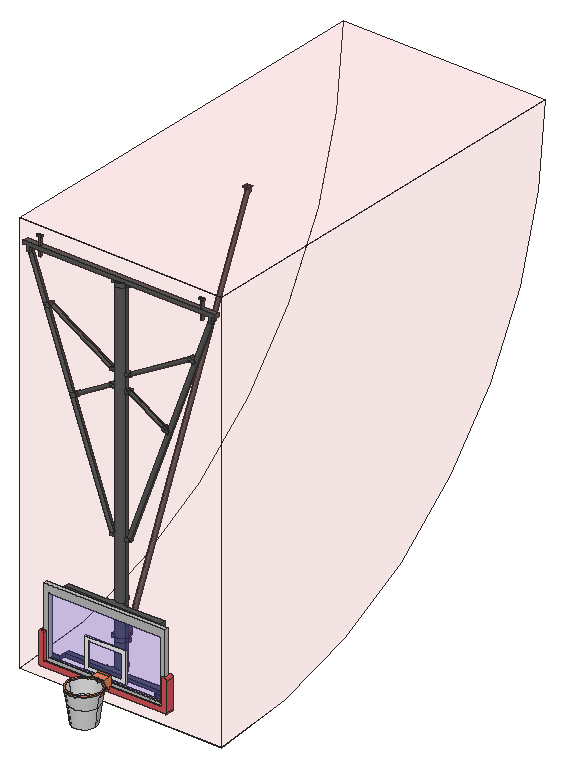
Revit family "Gymnasium-Eqpt_Basketball_IPIbybison_IP1345BF-XtraHeight", category Specialty Equipment, Revit 2018
Family settings
  Round Connector Dimension = Use Diameter
  Part Type = Normal
  Always vertical = Yes
  Cut with Voids When Loaded = No
  Shared = No
  Room Calculation Point = No
Parameters (values of type "Back Fold Rear Braced")
  Warranty Duration (Years) = 0
  Unit Weight [instance] = 0
  URL = "https://ipibybison.com/"
  Swing Clearance Visible [instance] = yes
  Specification = ""
  SpecWizard = ""
  Set Frame Below Truss Level [instance] = -0' - 1"
  Sales Information = "https://ipibybison.com/ArchitectsPage.php"
  Rim Color [instance] = Plastic - IPI by Bison - Orange OR
  Revision = "R1_01-2018"
  Product Properties = ""
  Product Data = "http://www.arcat.com/arcatcos/cos49/arc49571.html"
  Net Color [instance] = Finish - IPI by Bison - White Netting
  Model = "IP1345BF 23'"
  Manufacturer Website = "https://ipibybison.com/"
  Manufacturer Phone - Toll Free = "800-637-7968"
  Manufacturer Phone = ""
  Manufacturer Fax = "800-638-0698"
  Manufacturer Address = "603 L St  Lincoln, NE 68508"
  Manufacturer = "IPI by Bison"
  Maintenance Schedule (Months) = 0
  Installation-Fabrication = ""
  Installation Phase = ""
  Green Building-LEED = ""
  Glass [instance] = Glass
  Frame Finish [instance] = Finish - IPI by Bison - Black
  Folding Clearance [instance] = ARCAT Clearance
  F_Length of Piping Below Brace Point [instance] = 1' - 6"
  FF to Top of Hoop [instance] = 10' - 0"
  Expected Lifespan (Years) = 0
  Drawn By = "Sumex Design, Inc. / Robert S. Weygant, CSI, CDT, SCIP"
  Description = "IPI by Bison Back Folding Basketball Frame and Backboard - IP1345BF 28' as Specified"
  Copyright = "©Arcat Inc."
  Construction Details = ""
  C_Distance to Lift Cable [instance] = 6' - 6.37923"
  Backboard Type = Backboard_BA42XLGlass : Backboard_BA42XLGlass
  Backboard Square Color [instance] = Finish - IPI by Bison - White
  Backboard Padding Color [instance] = Plastic - IPI by Bison - Scarlet SC
  Backboard Frame Color [instance] = Finish - IPI by Bison - Satin Aluminum
  Backboard Distance from Wall [instance] = 7' - 0"
  B_Distance Between Y Frame Supports [instance] = 8' - 0"  # constant formula
  Available Options = "as Specified"
  A_Distance to Brace [instance] = 7' - 10"
Reference planes (in)
  plane 1 "Center (Front/Back)": y = 0
  plane 2: z = 0
  plane 3 "Center (Left/Right)": x = 0
  plane 4: y = -84
  plane 5: z = 120
  plane 6: x = -48
  plane 7: x = 48
Forms (in)
  Revolve 1, solid, material "ARCAT Clearance" <- "Folding Clearance", visible <- "Swing Clearance Visible"
    sketch origin (-24.35865, -84, 48) x (-1, 0, 0) y (0, 0, 1)
      loop
        line (35.64135, 288) -> (-84.35865, 288) -> (-84.35865, 48) -> (35.64135, 48) -> (35.64135, 288)
      axis (35.64135, 288) -> (-84.35865, 288)
    angle from 0 to -90
Dimensions and locks (in)
  "Backboard Distance from Wall": plane 4 to plane 1 "Center (Front/Back)"
  equal spacing: plane 6, plane 3 "Center (Left/Right)", plane 7
  "B_Distance Between Y Frame Supports": plane 6 to plane 7
  "FF to Top of Hoop": plane 5 to level
  locked: Revolve 1 sketch curve to plane 6 at 12
  locked: plane 7 to Revolve 1 sketch curve at 12
  locked: plane 5 to Revolve 1 sketch curve at 24
  aligned and locked: level to plane 2
  aligned and locked: nested 2 to plane 4
  aligned and locked: plane 4 to nested 1
  aligned and locked: Revolve 1 sketch curve to level
  aligned and locked: level to Revolve 1 sketch curve
Automatic sketch dimensions
  Revolve 1 sketch curve to Revolve 1 sketch curve = 2' - 9.42519"
  plane 3 "Center (Left/Right)" to Revolve 1 sketch curve = 0' - 2.42519"
Nested families (in)
  nested 1: "Backboard_BA42XLGlass" at (0, -84, 120) x (-1, 0, 0) z (0, 0, 1), built-in parameter 1001364 <- "FF to Top of Hoop", backboard color <- "Backboard Frame Color", backboard square color <- "Backboard Square Color", frame finish <- "Frame Finish", glass <- "Glass", rim finish <- "Rim Color", net color <- "Net Color", padding color <- "Backboard Padding Color", height offset <- "FF to Top of Hoop", type "Backboard_BA42XLGlass"
    with rim finish Plastic - IPI by Bison - Orange OR, padding color Plastic - IPI by Bison - Scarlet SC, net color Finish - IPI by Bison - White Netting, height offset 10' - 0", glass Glass, frame finish Finish - IPI by Bison - Black, backboard square color Finish - IPI by Bison - White, backboard color Finish - IPI by Bison - Satin Aluminum
  nested 2: "Frame_RFRB28" at (0, -84, 335), built-in parameter 1001364 <- "Set Frame Below Truss Level", a <- "A_Distance to Brace", b <- "B_Distance Between Y Frame Supports", f <- "F_Length of Piping Below Brace Point", frame <- "Frame Finish", type "Frame_RFRB28"
    with frame Finish - IPI by Bison - Black, f 1' - 6", b 8' - 0", a 7' - 10"
Definition of nested family "Backboard_BA42XLGlass"
  Parameters (values of type "Backboard_BA42XLGlass")
    padding color [instance] = none
    net color [instance] = none
    rim finish [instance] = none
    height offset [instance] = 9' - 6"
    glass [instance] = none
    frame finish [instance] = none
    backboard square color [instance] = none
    backboard color [instance] = none
    Default Elevation = 4' - 0"
  Reference planes (in)
    plane 1 "Center (Front/Back)": y = 0
    plane 2: z = 0
    plane 3 "Center (Left/Right)": x = 0
    plane 4: z = -114
  Forms (in)
    Extrusion 1, solid, material <- "backboard color"
      sketch origin (-8.43545, 11.2937, 28.94441) x (1, 0, 0) y (0, 0, 1)
        loop
          line (-27.56455, 6.99989) -> (-27.56455, -35.00011) -> (44.43545, -35.00011) -> (44.43545, 6.99989) -> (-27.56455, 6.99989)
        loop
          line (41.81045, 2.74989) -> (-24.93955, 2.74989) -> (-24.93955, -32.37511) -> (41.81045, -32.37511) -> (41.81045, 2.74989)
      from 1.125 to -1.125
    Extrusion 2, solid, material <- "padding color"
      sketch origin (-8.43545, 11.2937, 29.06941) x (1, 0, 0) y (0, 0, 1)
        loop
          line (-27.55038, -17.62511) -> (-27.80038, -17.62511)
          arc (-27.80038, -17.62511) -> (-29.03781, -18.13767) -> (-29.55038, -19.37511) r 1.75
          line (-29.55038, -19.37511) -> (-29.55038, -36.12511)
          arc (-29.55038, -36.12511) -> (-29.25748, -36.83222) -> (-28.55038, -37.12511) r 1
          line (-28.55038, -37.12511) -> (45.44962, -37.12511)
          arc (45.44962, -37.12511) -> (46.15673, -36.83222) -> (46.44962, -36.12511) r 1
          line (46.44962, -36.12511) -> (46.44962, -19.37511)
          arc (46.44962, -19.37511) -> (45.93706, -18.13767) -> (44.69962, -17.62511) r 1.75
          line (44.69962, -17.62511) -> (44.42127, -17.62511)
          arc (44.42127, -17.62511) -> (43.71416, -17.918) -> (43.42127, -18.62511) r 1
          line (43.42127, -18.62511) -> (43.42127, -33.98376) -> (-26.55038, -33.98376) -> (-26.55038, -18.62511)
          arc (-26.55038, -18.62511) -> (-26.84327, -17.918) -> (-27.55038, -17.62511) r 1
      from -2.18697 to 2.14819
    Revolve 3, solid, material <- "net color"
      sketch origin (-8.43545, 27.4812, 28.93687) x (1, 0, 0) y (0, 0, 1)
        loop
          circle (-0.85808, -29.24642) r 0.3125
        loop
          line (-1.03195, -29.9762) -> (0.27041, -37.36226) -> (1.80132, -48.25521) -> (2.05377, -48.25521) -> (0.51737, -37.32314) -> (-0.77809, -29.9762) -> (-1.03195, -29.9762)
        axis (8.43545, -48.25521) -> (8.43545, -29.24642)
      angle from 0 to 360
    Revolve 4, solid, material <- "rim finish"
      sketch origin (0.02792, 11.2937, 0) x (0, 1, 0) y (0, 0, 1)
        loop
          line (6.79001, -0.625) -> (6.54001, -0.625) -> (6.54001, -2.125) -> (6.79001, -2.125) -> (6.79001, -0.625)
        axis (16.04001, -2.125) -> (16.04001, -0.625)
      angle from -90 to 90
    Extrusion 5, solid, material <- "rim finish"
      sketch origin (0, 0, 0) x (0, 1, 0) y (0, 0, 1)
        loop
          line (17.69724, 0) -> (12.8212, 0) -> (13.12361, 1.21287) -> (12.79369, 1.29513) -> (12.47078, 0) -> (12.47078, -6.5) -> (13.63137, -6.5) -> (17.69724, -2.43414) -> (17.69724, 0)
      from -3.50075 to 3.49925
    Extrusion 6, solid, material <- "backboard square color"
      sketch origin (0.02792, 11.2937, 0) x (1, 0, 0) y (0, 0, 1)
        loop
          line (-12.02792, 16.0023) -> (-12.02792, -1.9977) -> (11.97208, -1.9977) -> (11.97208, 16.0023) -> (-12.02792, 16.0023)
        loop
          line (-10.02792, 14.0023) -> (-10.02792, 0) -> (9.97208, 0) -> (9.97208, 14.0023) -> (-10.02792, 14.0023)
      from -0.44333 to 0.05679
    Extrusion 7, solid, material <- "glass"
      sketch origin (0.02792, 11.2937, 0) x (1, 0, 0) y (0, 0, 1)
        loop
          line (-33.40292, 31.6943) -> (-33.40292, -3.4307) -> (33.34708, -3.4307) -> (33.34708, 31.6943) -> (-33.40292, 31.6943)
      from -0.405 to 0
    Extrusion 8, solid, material <- "frame finish"
      sketch origin (0, 11.2937, 0) x (1, 0, 0) y (0, 1, 0)
        loop
          line (-28.5, -7.7495) -> (-6, -7.7495) -> (-6, -8.1245) -> (-4.12188, -8.1245) -> (-3.02199, -10.02957)
          arc (-3.02199, -10.02957) -> (-2.89931, -12.81607) -> (-0.66175, -14.4813) r 3.25
          line (-0.66175, -14.4813) -> (-0.66175, -16.28845) -> (0.60591, -16.28845) -> (0.60591, -14.4813)
          arc (0.60591, -14.4813) -> (2.82905, -12.84298) -> (2.98938, -10.08605) r 3.25
          line (2.98938, -10.08605) -> (4.12188, -8.1245) -> (6, -8.1245) -> (6, -7.7495) -> (28.5, -7.7495) -> (28.5, -1.4995) -> (33, -1.4995) -> (33, -1.125) -> (28.25, -1.125) -> (28.25, -4.7495) -> (-28.25, -4.7495) -> (-28.25, -1.125) -> (-33, -1.125) -> (-33, -1.4995) -> (-28.5, -1.4995) -> (-28.5, -7.7495)
      from -3.4307 to -1.5237
    Extrusion 9, solid, material <- "frame finish"
      sketch origin (0, 11.2937, 0) x (1, 0, 0) y (0, 1, 0)
        loop
          line (-28.5, -7.7495) -> (-6, -7.7495) -> (-6, -8.1245) -> (-4.12188, -8.1245) -> (-3.02199, -10.02957)
          arc (-3.02199, -10.02957) -> (-2.89931, -12.81607) -> (-0.66175, -14.4813) r 3.25
          line (-0.66175, -14.4813) -> (-0.66175, -16.28845) -> (0.60591, -16.28845) -> (0.60591, -14.4813)
          arc (0.60591, -14.4813) -> (2.82905, -12.84298) -> (2.98938, -10.08605) r 3.25
          line (2.98938, -10.08605) -> (4.12188, -8.1245) -> (6, -8.1245) -> (6, -7.7495) -> (28.5, -7.7495) -> (28.5, -1.4995) -> (33, -1.4995) -> (33, -1.125) -> (28.25, -1.125) -> (28.25, -4.7495) -> (-28.25, -4.7495) -> (-28.25, -1.125) -> (-33, -1.125) -> (-33, -1.4995) -> (-28.5, -1.4995) -> (-28.5, -7.7495)
      from 31.75979 to 34.1423
  Lines and regions (in)
    model lines
      curve 1: line (-0.00075, 0, 0) -> (-0.00075, 0, -114)
  Dimensions and locks (in)
    "height offset": level to plane 4
    aligned and locked: plane 2 to level
    aligned and locked: plane 4 to curve 1
  Automatic sketch dimensions
    curve 1 to level = 0' - 0"
    curve 1 to plane 3 "Center (Left/Right)" = 0' - 0.00075"
    Extrusion 1 sketch curve to plane 3 "Center (Left/Right)" = 3' - 0"
    Extrusion 1 sketch curve to Extrusion 1 sketch curve = 0' - 2 5/8"  (x2)
    plane 3 "Center (Left/Right)" to Extrusion 1 sketch curve = 2' - 9 3/8"
    Extrusion 1 sketch curve to level = 0' - 6.0557"
    Extrusion 1 sketch curve to level = 0' - 3.4307"
    level to Extrusion 1 sketch curve = 2' - 7.6943"
    Extrusion 1 sketch curve to Extrusion 1 sketch curve = 0' - 4 1/4"
    level to Extrusion 2 sketch curve = 0' - 9.6943"
    Extrusion 2 sketch curve to plane 3 "Center (Left/Right)" = 3' - 1.98582"
    Extrusion 2 sketch curve to Extrusion 2 sketch curve = 0' - 1"  (x4)
    Extrusion 2 sketch curve to Extrusion 2 sketch curve = 0' - 1 3/4"
    Extrusion 2 sketch curve to Extrusion 2 sketch curve = 0' - 0 1/4"
    level to Extrusion 2 sketch curve = 0' - 10.4443"
    plane 3 "Center (Left/Right)" to Extrusion 2 sketch curve = 2' - 10.98582"
    Extrusion 2 sketch curve to Extrusion 2 sketch curve = 0' - 0.27835"
    Extrusion 2 sketch curve to Extrusion 2 sketch curve = 0' - 2.02835"
    Extrusion 2 sketch curve to level = 0' - 4.91435"
    Extrusion 2 sketch curve to Extrusion 2 sketch curve = 0' - 2.14135"
    Revolve 3 sketch curve to plane 3 "Center (Left/Right)" = 0' - 0"
    Revolve 3 sketch curve to plane 3 "Center (Left/Right)" = 0' - 6.38167"
    Revolve 3 sketch curve to Revolve 3 sketch curve = 0' - 0.25246"
    Revolve 3 sketch curve to plane 3 "Center (Left/Right)" = 0' - 7.91808"
    Revolve 3 sketch curve to Revolve 3 sketch curve = 0' - 0.24696"
    Revolve 3 sketch curve to level = 0' - 1.03933"
    Revolve 3 sketch curve to Revolve 3 sketch curve = 0' - 1.0485"
    Revolve 3 sketch curve to level = 0' - 0.30954"
    Revolve 3 sketch curve to Revolve 3 sketch curve = 0' - 0.07999"
    Revolve 3 sketch curve to Revolve 3 sketch curve = 0' - 0.25386"
    Revolve 3 sketch curve to Revolve 3 sketch curve = 0' - 7.34694"
    Revolve 3 sketch curve to Revolve 3 sketch curve = 0' - 0.03911"
    Revolve 3 sketch curve to Revolve 3 sketch curve = 0' - 10.89295"
    Revolve 3 sketch curve to level = 0' - 0.00754"
    level to Revolve 3 sketch curve = 0' - 2.99246"
    Revolve 4 sketch curve to level = 0' - 2 1/8"
    Revolve 4 sketch curve to plane 1 "Center (Front/Back)" = 1' - 5.83371"
    Revolve 4 sketch curve to Revolve 4 sketch curve = 0' - 0 1/4"
    Revolve 4 sketch curve to level = 0' - 0 5/8"  (x2)
    Revolve 4 sketch curve to Revolve 4 sketch curve = 0' - 9 1/4"
    level to Revolve 4 sketch curve = 0' - 3 1/8"
    Extrusion 5 sketch curve to level = 0' - 0"  (x2)
    Extrusion 5 sketch curve to plane 1 "Center (Front/Back)" = 1' - 0.47078"
    level to Extrusion 5 sketch curve = 0' - 1.29513"
    Extrusion 5 sketch curve to Extrusion 5 sketch curve = 0' - 0.32291"
    Extrusion 5 sketch curve to Extrusion 5 sketch curve = 0' - 0.35043"
    Extrusion 5 sketch curve to Extrusion 5 sketch curve = 0' - 1.16059"
    Extrusion 5 sketch curve to Extrusion 5 sketch curve = 0' - 4.57363"
    Extrusion 5 sketch curve to Extrusion 5 sketch curve = 0' - 2.43414"
    Extrusion 5 sketch curve to Extrusion 5 sketch curve = 0' - 6 1/2"
    Extrusion 6 sketch curve to level = 0' - 0"
    Extrusion 6 sketch curve to level = 0' - 1.9977"
    Extrusion 6 sketch curve to plane 3 "Center (Left/Right)" = 1' - 0"
    Extrusion 6 sketch curve to Extrusion 6 sketch curve = 0' - 2"  (x3)
    plane 3 "Center (Left/Right)" to Extrusion 6 sketch curve = 0' - 10"
    Extrusion 6 sketch curve to Extrusion 6 sketch curve = 1' - 2.0023"
    Extrusion 7 sketch curve to plane 3 "Center (Left/Right)" = 2' - 9 3/8"
    Extrusion 7 sketch curve to level = 0' - 3.4307"
    plane 3 "Center (Left/Right)" to Extrusion 7 sketch curve = 2' - 9 3/8"
    level to Extrusion 7 sketch curve = 2' - 7.6943"
    Extrusion 8 sketch curve to Extrusion 8 sketch curve = 0' - 0"  (x3)
    plane 1 "Center (Front/Back)" to Extrusion 8 sketch curve = 0' - 0"
    Extrusion 8 sketch curve to plane 1 "Center (Front/Back)" = 0' - 9.7942"
    Extrusion 8 sketch curve to plane 3 "Center (Left/Right)" = 2' - 9"
    Extrusion 8 sketch curve to plane 1 "Center (Front/Back)" = 0' - 3.5442"
    Extrusion 8 sketch curve to Extrusion 8 sketch curve = 0' - 4 1/2"  (x2)
    Extrusion 8 sketch curve to Extrusion 8 sketch curve = 0' - 0 1/4"  (x2)
    Extrusion 8 sketch curve to plane 3 "Center (Left/Right)" = 0' - 6"
    Extrusion 8 sketch curve to Extrusion 8 sketch curve = 0' - 1.87812"  (x2)
    Extrusion 8 sketch curve to Extrusion 8 sketch curve = 0' - 1.09989"
    Extrusion 8 sketch curve to plane 3 "Center (Left/Right)" = 0' - 0.66175"
    Extrusion 8 sketch curve to plane 3 "Center (Left/Right)" = 0' - 0.02792"
    plane 3 "Center (Left/Right)" to Extrusion 8 sketch curve = 0' - 0.60591"
    Extrusion 8 sketch curve to plane 1 "Center (Front/Back)" = 0' - 1.20765"
    plane 3 "Center (Left/Right)" to Extrusion 8 sketch curve = 0' - 2.98938"
    Extrusion 8 sketch curve to Extrusion 8 sketch curve = 0' - 1.1325"
    Extrusion 8 sketch curve to plane 1 "Center (Front/Back)" = 0' - 10.1687"
    Extrusion 8 sketch curve to Extrusion 8 sketch curve = 1' - 10 1/4"
    Extrusion 8 sketch curve to Extrusion 8 sketch curve = 0' - 1.80715"
    Extrusion 8 sketch curve to Extrusion 8 sketch curve = 0' - 0 3/8"  (x2)
    Extrusion 8 sketch curve to plane 1 "Center (Front/Back)" = 0' - 3.1692"
    Extrusion 8 sketch curve to Extrusion 8 sketch curve = 0' - 3"
    Extrusion 8 sketch curve to Extrusion 8 sketch curve = 0' - 0.3745"  (x2)
    Extrusion 9 sketch curve to Extrusion 9 sketch curve = 0' - 0"  (x3)
    plane 1 "Center (Front/Back)" to Extrusion 9 sketch curve = 0' - 0"
    Extrusion 9 sketch curve to plane 1 "Center (Front/Back)" = 0' - 9.7942"
    Extrusion 9 sketch curve to plane 3 "Center (Left/Right)" = 2' - 9"
    Extrusion 9 sketch curve to plane 1 "Center (Front/Back)" = 0' - 3.5442"  (x2)
    Extrusion 9 sketch curve to Extrusion 9 sketch curve = 0' - 4 1/2"  (x2)
    Extrusion 9 sketch curve to Extrusion 9 sketch curve = 0' - 0 1/4"  (x2)
    Extrusion 9 sketch curve to plane 3 "Center (Left/Right)" = 0' - 6"
    Extrusion 9 sketch curve to Extrusion 9 sketch curve = 0' - 1.87812"  (x2)
    Extrusion 9 sketch curve to Extrusion 9 sketch curve = 0' - 1.09989"
    Extrusion 9 sketch curve to plane 3 "Center (Left/Right)" = 0' - 0.66175"
    Extrusion 9 sketch curve to plane 3 "Center (Left/Right)" = 0' - 0.02792"
    plane 3 "Center (Left/Right)" to Extrusion 9 sketch curve = 0' - 0.60591"
    Extrusion 9 sketch curve to plane 1 "Center (Front/Back)" = 0' - 1.20765"
    plane 3 "Center (Left/Right)" to Extrusion 9 sketch curve = 0' - 2.98938"
    Extrusion 9 sketch curve to Extrusion 9 sketch curve = 0' - 1.1325"
    Extrusion 9 sketch curve to plane 1 "Center (Front/Back)" = 0' - 10.1687"
    Extrusion 9 sketch curve to Extrusion 9 sketch curve = 1' - 10 1/4"
    Extrusion 9 sketch curve to Extrusion 9 sketch curve = 0' - 1.80715"
    Extrusion 9 sketch curve to Extrusion 9 sketch curve = 0' - 0 3/8"
    Extrusion 9 sketch curve to plane 1 "Center (Front/Back)" = 0' - 3.1692"
    Extrusion 9 sketch curve to Extrusion 9 sketch curve = 0' - 3"
    Extrusion 9 sketch curve to Extrusion 9 sketch curve = 0' - 0.3745"  (x2)
    radius of Revolve 3 sketch curve = 0' - 0 5/16"
Definition of nested family "Frame_RFRB28"
  Parameters (values of type "Frame_RFRB28")
    frame [instance] = none
    f [instance] = 1' - 6"
    b [instance] = 8' - 0"  # constant formula
    a [instance] = 7' - 10"
    Default Elevation = 4' - 0"
  Reference planes (in)
    plane 1 "Center (Front/Back)": y = 0
    plane 2: z = 0
    plane 3 "Center (Left/Right)": x = 0
    plane 4: z = -4.125
    plane 5: x = -48
    plane 6: x = 48
    plane 7: z = -218.99815
    plane 8: y = 94
    plane 9: z = -200.99815
    plane 10: z = -146.99815
  Forms (in)
    Extrusion 1, solid, material <- "frame"
      sketch origin (0, 0, 0) x (-1, 0, 0) y (0, 0, 1)
        loop
          line (-48.5, -3.57547) -> (-49.1801, -3.57547) -> (-49.1801, -4.57547) -> (-48.5, -4.57547) -> (-48.5, -14.94659) -> (-47.5, -14.94659) -> (-47.5, -4.50272) -> (-46.31181, -4.50272) -> (-46.31181, -3.67379) -> (-47.125, -3.67379) -> (-47.125, -3.45566) -> (-48.5, -3.45566) -> (-48.5, -3.57547)
        loop
          line (47.5, -3.57547) -> (46.8199, -3.57547) -> (46.8199, -4.57547) -> (47.5, -4.57547) -> (47.5, -14.94659) -> (48.5, -14.94659) -> (48.5, -4.50272) -> (49.68819, -4.50272) -> (49.68819, -3.67379) -> (48.875, -3.67379) -> (48.875, -3.45566) -> (47.5, -3.45566) -> (47.5, -3.57547)
      from -0.4375 to 0.4375
    Extrusion 2, solid, material <- "frame"
      sketch origin (0, 0, 0) x (-1, 0, 0) y (0, -1, 0)
        loop
          circle (0, 0) r 3
      from -218.99815 to -10.81466
    Extrusion 3, solid, material <- "frame"
      sketch origin (0, 0, 0) x (-1, 0, 0) y (0, -1, 0)
        loop
          line (-5.03472, 0.60591) -> (-5.03472, -0.60591) -> (-3.12072, -0.60591)
          arc (-3.12072, -0.60591) -> (0, -3.179) -> (3.12072, -0.60591) r 3.179
          line (3.12072, -0.60591) -> (5.03472, -0.60591) -> (5.03472, 0.60591) -> (3.12072, 0.60591)
          arc (3.12072, 0.60591) -> (0, 3.179) -> (-3.12072, 0.60591) r 3.179
          line (-3.12072, 0.60591) -> (-5.03472, 0.60591)
      from -13.07366 to -11.07366
    Sweep 4, solid, material <- "frame"
      path origin (0, 0, 0) x (0, -1, 0) y (0, 0, 1)
        loop
          line (-4.7442, -202.45823) -> (-94, -3.76608)
      profile origin (0, 49.3721, -103.11215) x (0, 0.912189, -0.40977) y (-1, 0, 0)
        loop
          circle (0, 0) r 1.1875
    Extrusion 5, solid, material <- "frame"
      sketch origin (0, -23.21476, -200.99815) x (0, -1, 0) y (1, 0, 0)
        loop
          line (-22.60885, 5.03472) -> (-23.82067, 5.03472) -> (-23.82067, 3.12072)
          arc (-23.82067, 3.12072) -> (-25.10199, 2.55821) -> (-26.01762, 1.5) r 3.179
          line (-26.01762, 1.5) -> (-29.32067, 1.5) -> (-29.32067, -1.5) -> (-26.01762, -1.5)
          arc (-26.01762, -1.5) -> (-25.10199, -2.55821) -> (-23.82067, -3.12072) r 3.179
          line (-23.82067, -3.12072) -> (-23.82067, -5.03472) -> (-22.60885, -5.03472) -> (-22.60885, -3.12072)
          arc (-22.60885, -3.12072) -> (-20.03576, 0) -> (-22.60885, 3.12072) r 3.179
          line (-22.60885, 3.12072) -> (-22.60885, 5.03472)
      from 1 to -1
    Extrusion 6, solid, material <- "frame"
      sketch origin (0, 0, -1.125) x (0, -1, 0) y (0, 0, 1)
        loop
          line (-94.625, -0.80732) -> (-94.625, -3.80732) -> (-93.375, -3.80732) -> (-93.375, -0.80732) -> (-94.625, -0.80732)
      from -1.5 to 1.5
    Extrusion 7, solid, material <- "frame"
      sketch origin (0, 0, -1.125) x (0, -1, 0) y (0, 0, 1)
        loop
          line (-95.5, -0.80732) -> (-95.5, -1.05732) -> (-92.5, -1.05732) -> (-92.5, -0.80732) -> (-95.5, -0.80732)
      from -1.5 to 1.5
    Extrusion 8, solid, material <- "frame"
      sketch origin (0, -0.03, 0) x (1, 0, 0) y (0, 0, 1)
        loop
          line (-57, -8.85715) -> (-57, -10.85715) -> (-55, -10.85715) -> (-55, -14.10715) -> (-53, -14.10715) -> (-53, -10.85715) -> (53, -10.85715) -> (53, -14.10715) -> (55, -14.10715) -> (55, -10.85715) -> (57, -10.85715) -> (57, -8.85715) -> (-57, -8.85715)
      from -1.53 to 1.47
    Sweep 9, solid, material <- "frame"
      path origin (0, -0.03, 0) x (-1, 0, 0) y (0, 0, 1)
        loop
          line (-54.25831, -12.58204) -> (-4.68934, -147.70227)
      profile origin (29.47382, -0.03, -80.14215) x (0.93882, 0, -0.344407) y (0, -1, 0)
        loop
          circle (0, 0) r 1.2175
    Extrusion 10, solid, material <- "frame"
      sketch origin (0, -0.03, 0) x (1, 0, 0) y (0, 0, 1)
        loop
          line (-44.88847, -38.1233) -> (-44.19966, -40.00094) -> (-40.5513, -38.66254) -> (-41.24011, -36.7849) -> (-44.88847, -38.1233)
        loop
          line (-29.35533, -80.46516) -> (-28.66652, -82.3428) -> (-25.14594, -81.05127) -> (-25.83475, -79.17363) -> (-29.35533, -80.46516)
        loop
          line (-2.78107, -58.17015) -> (-5.78107, -58.17015) -> (-5.78107, -60.17015) -> (-2.78107, -60.17015) -> (-2.78107, -58.17015)
        loop
          line (-2.78107, -67.17015) -> (-5.78107, -67.17015) -> (-5.78107, -69.17015) -> (-2.78107, -69.17015) -> (-2.78107, -67.17015)
        loop
          line (44.88847, -38.1233) -> (41.24011, -36.7849) -> (40.5513, -38.66254) -> (44.19966, -40.00094) -> (44.88847, -38.1233)
        loop
          line (29.35533, -80.46516) -> (25.83475, -79.17363) -> (25.14594, -81.05127) -> (28.66652, -82.3428) -> (29.35533, -80.46516)
        loop
          line (2.78107, -58.17015) -> (2.78107, -60.17015) -> (5.78107, -60.17015) -> (5.78107, -58.17015) -> (2.78107, -58.17015)
        loop
          line (2.78107, -67.17015) -> (2.78107, -69.17015) -> (5.78107, -69.17015) -> (5.78107, -67.17015) -> (2.78107, -67.17015)
        loop
          line (-2.69765, -147.99815) -> (-2.69765, -145.99815) -> (-5.69765, -145.99815) -> (-5.69765, -147.99815) -> (-2.69765, -147.99815)
        loop
          line (2.69765, -147.99815) -> (5.69765, -147.99815) -> (5.69765, -145.99815) -> (2.69765, -145.99815) -> (2.69765, -147.99815)
      from -1.42904 to 1.345
    Sweep 11, solid, material <- "frame"
      path origin (0, -0.03, 0) x (1, 0, 0) y (0, 0, 1)
        loop
          line (-42.36358, -37.61622) -> (-4.38156, -59.54515)
      profile origin (-23.37257, -0.03, -48.58069) x (0.5, 0, 0.866025) y (0, -1, 0)
        loop
          circle (0, 0) r 1
    Sweep 12, solid, material <- "frame"
      path origin (0, -0.03, 0) x (-1, 0, 0) y (0, 0, 1)
        loop
          line (-42.36358, -37.61622) -> (-4.38156, -59.54515)
      profile origin (23.37257, -0.03, -48.58069) x (0.5, 0, -0.866025) y (0, -1, 0)
        loop
          circle (0, 0) r 1
    Sweep 13, solid, material <- "frame"
      path origin (0, -0.03, 60) x (1, 0, 0) y (0, 0, 1)
        loop
          line (-26.81592, -140.66699) -> (-4.38156, -127.7145)
      profile origin (-15.59874, -0.03, -74.19074) x (-0.5, 0, 0.866025) y (0, -1, 0)
        loop
          circle (0, 0) r 1
    Sweep 14, solid, material <- "frame"
      path origin (0, -0.03, 60) x (-1, 0, 0) y (0, 0, 1)
        loop
          line (-26.81592, -140.66699) -> (-4.38156, -127.7145)
      profile origin (15.59874, -0.03, -74.19074) x (-0.5, 0, -0.866025) y (0, -1, 0)
        loop
          circle (0, 0) r 1
    Sweep 15, solid, material <- "frame"
      path origin (0, -0.03, 0) x (1, 0, 0) y (0, 0, 1)
        loop
          line (-54.25831, -12.58204) -> (-4.68934, -147.70227)
      profile origin (-29.47382, -0.03, -80.14215) x (0.93882, 0, 0.344407) y (0, -1, 0)
        loop
          circle (0, 0) r 1.2175
  Dimensions and locks (in)
    equal spacing: plane 5, plane 3 "Center (Left/Right)", plane 6
    "b": plane 5 to plane 6
    locked: level to plane 4 at 4.125
    Extrusion 1 sketch curve to Extrusion 1 sketch curve to Extrusion 1 sketch curve to plane 5 to Extrusion 1 sketch curve to Extrusion 1 sketch curve to Extrusion 1 sketch curve = 0' - 0.81319" locked, 0' - 0 3/8" locked, 0' - 0 1/2" locked, 0' - 0 1/2" locked, 0' - 0" locked, 0' - 0.6801" locked
    Extrusion 1 sketch curve to Extrusion 1 sketch curve to Extrusion 1 sketch curve to plane 6 to Extrusion 1 sketch curve to Extrusion 1 sketch curve to Extrusion 1 sketch curve = 0' - 0.81319" locked, 0' - 0 3/8" locked, 0' - 0 1/2" locked, 0' - 0 1/2" locked, 0' - 0" locked, 0' - 0.6801" locked
    "a": plane 1 "Center (Front/Back)" to plane 8
    Extrusion 7 sketch curve to plane 8 to Extrusion 7 sketch curve = 0' - 1 1/2" locked, 0' - 1 1/2" locked
    Extrusion 6 sketch curve to plane 8 to Extrusion 6 sketch curve = 0' - 0 5/8" locked, 0' - 0 5/8" locked
    locked: plane 8 to Sweep 4 sketch curve at 0
    locked: level to Sweep 4 sketch curve at 3.76608
    locked: plane 1 "Center (Front/Back)" to Sweep 4 sketch curve at 4.7442
    Extrusion 10 sketch curve to Extrusion 10 sketch curve = 0' - 2"  (x2)
    locked: level to Sweep 9 sketch curve at 147.70227
    locked: Sweep 9 sketch curve to plane 3 "Center (Left/Right)" at 4.68934
    locked: level to Sweep 15 sketch curve at 147.70227
    locked: plane 3 "Center (Left/Right)" to Sweep 15 sketch curve at 4.68934
    locked: level to Extrusion 10 sketch curve at 145.99815  (x2)
    locked: level to plane 10 at 146.99815
    locked: plane 9 to plane 10 at 54
    "f": plane 9 to plane 7
    locked: level to Sweep 4 sketch curve at 202.45823
    aligned and locked: plane 2 to level
    aligned and locked: plane 7 to Extrusion 2
  Automatic sketch dimensions
    plane 4 to Extrusion 1 sketch curve = 0' - 0.54953"  (x2)
    Extrusion 1 sketch curve to plane 4 = 0' - 0.37772"  (x2)
    Extrusion 1 sketch curve to plane 4 = 0' - 0.45047"  (x2)
    Extrusion 1 sketch curve to Extrusion 1 sketch curve = 0' - 10.37112"  (x2)
    plane 4 to Extrusion 1 sketch curve = 0' - 0.45121"  (x2)
    Extrusion 1 sketch curve to Extrusion 1 sketch curve = 0' - 0.21814"  (x2)
    plane 1 "Center (Front/Back)" to Extrusion 2 sketch curve = 0' - 0"
    Extrusion 2 sketch curve to plane 3 "Center (Left/Right)" = 0' - 0"
    Extrusion 3 sketch curve to Extrusion 3 sketch curve = 0' - 0"  (x3)
    plane 1 "Center (Front/Back)" to Extrusion 3 sketch curve = 0' - 0"
    Extrusion 3 sketch curve to plane 3 "Center (Left/Right)" = 0' - 0"
    Extrusion 3 sketch curve to plane 1 "Center (Front/Back)" = 0' - 0.60591"  (x2)
    plane 3 "Center (Left/Right)" to Extrusion 3 sketch curve = 0' - 3.12072"
    plane 1 "Center (Front/Back)" to Extrusion 3 sketch curve = 0' - 0.60591"  (x2)
    Extrusion 3 sketch curve to Extrusion 3 sketch curve = 0' - 1.914"  (x2)
    Extrusion 3 sketch curve to plane 3 "Center (Left/Right)" = 0' - 3.12072"
    profile plane to Sweep 4 sketch curve = 0' - 0"
    Sweep 4 sketch curve to profile plane = 0' - 0"
    Extrusion 6 sketch curve to plane 4 = 0' - 0.80732"
    Extrusion 6 sketch curve to level = 0' - 1.93232"
    plane 4 to Extrusion 7 sketch curve = 0' - 1.94268"
    Extrusion 7 sketch curve to Extrusion 7 sketch curve = 0' - 0 1/4"
    plane 5 to Extrusion 8 sketch curve = 0' - 9"
    Extrusion 8 sketch curve to Extrusion 8 sketch curve = 0' - 2"  (x5)
    Extrusion 8 sketch curve to plane 6 = 0' - 5"
    Extrusion 8 sketch curve to plane 4 = 0' - 9.98215"  (x2)
    Extrusion 8 sketch curve to Extrusion 8 sketch curve = 0' - 3 1/4"  (x2)
    Extrusion 8 sketch curve to Extrusion 8 sketch curve = 0' - 0"
    plane 6 to Sweep 9 sketch curve = 0' - 6.25831"
    plane 4 to Sweep 9 sketch curve = 0' - 8 117/256"
    Sweep 9 sketch curve to profile plane = 0' - 0"  (x2)
    Extrusion 10 sketch curve to plane 5 = 0' - 3.11153"
    Extrusion 10 sketch curve to Extrusion 10 sketch curve = 0' - 0.68881"  (x4)
    Extrusion 10 sketch curve to Extrusion 10 sketch curve = 0' - 3.64836"
    Extrusion 10 sketch curve to plane 5 = 1' - 6.64467"
    Extrusion 10 sketch curve to Extrusion 10 sketch curve = 0' - 3.52058"  (x2)
    Extrusion 10 sketch curve to plane 3 "Center (Left/Right)" = 0' - 5.78107"  (x2)
    Extrusion 10 sketch curve to plane 3 "Center (Left/Right)" = 0' - 5.69765"
    Extrusion 10 sketch curve to plane 3 "Center (Left/Right)" = 0' - 2.78107"  (x2)
    Extrusion 10 sketch curve to plane 3 "Center (Left/Right)" = 0' - 2.69765"
    plane 3 "Center (Left/Right)" to Extrusion 10 sketch curve = 0' - 2.69765"
    plane 3 "Center (Left/Right)" to Extrusion 10 sketch curve = 0' - 2.78107"  (x2)
    Extrusion 10 sketch curve to Extrusion 10 sketch curve = 0' - 3"  (x3)
    Extrusion 10 sketch curve to Extrusion 10 sketch curve = 1' - 7.36487"
    plane 6 to Extrusion 10 sketch curve = 0' - 7.4487"
    plane 6 to Extrusion 10 sketch curve = 0' - 3.80034"
    Extrusion 10 sketch curve to Extrusion 10 sketch curve = 5' - 3.65535"
    Extrusion 10 sketch curve to Extrusion 10 sketch curve = 0' - 0"  (x3)
    Extrusion 10 sketch curve to Extrusion 10 sketch curve = 0' - 1.29153"  (x2)
    Extrusion 10 sketch curve to Extrusion 10 sketch curve = 0' - 10.00348"
    Extrusion 10 sketch curve to Extrusion 10 sketch curve = 0' - 2"  (x4)
    Extrusion 10 sketch curve to Extrusion 10 sketch curve = 0' - 7"
    Extrusion 10 sketch curve to level = 3' - 4.00094"  (x2)
    Extrusion 10 sketch curve to Extrusion 10 sketch curve = 0' - 1.3384"  (x2)
    Sweep 11 sketch curve to plane 5 = 0' - 5.63642"
    Sweep 11 sketch curve to plane 3 "Center (Left/Right)" = 0' - 4.38156"
    Sweep 11 sketch curve to plane 4 = 4' - 7.42015"
    Sweep 11 sketch curve to plane 4 = 2' - 9.49122"
    Sweep 11 sketch curve to profile plane = 0' - 0"  (x2)
    Sweep 12 sketch curve to plane 6 = 0' - 5.63642"
    Sweep 12 sketch curve to plane 3 "Center (Left/Right)" = 0' - 4.38156"
    plane 4 to Sweep 12 sketch curve = 4' - 7.42015"
    plane 4 to Sweep 12 sketch curve = 2' - 9.49122"
    Sweep 12 sketch curve to profile plane = 0' - 0"  (x2)
    Sweep 13 sketch curve to plane 5 = 1' - 9.18408"
    Sweep 13 sketch curve to plane 3 "Center (Left/Right)" = 0' - 4.38156"
    Sweep 13 sketch curve to Sweep 13 sketch curve = 1' - 0.95249"
    Sweep 13 sketch curve to profile plane = 0' - 0"
    profile plane to Sweep 13 sketch curve = 0' - 0"
    Sweep 14 sketch curve to plane 6 = 1' - 9.18408"
    Sweep 14 sketch curve to plane 3 "Center (Left/Right)" = 0' - 4.38156"
    Sweep 14 sketch curve to Sweep 14 sketch curve = 1' - 0.95249"
    Sweep 14 sketch curve to profile plane = 0' - 0"
    profile plane to Sweep 14 sketch curve = 0' - 0"
    plane 5 to Sweep 15 sketch curve = 0' - 6.25831"
    Sweep 15 sketch curve to plane 4 = 0' - 8 117/256"
    Sweep 15 sketch curve to profile plane = 0' - 0"  (x2)
    Sweep 13 sketch curve to plane 4 = 6' - 4.54199"
    plane 4 to Sweep 14 sketch curve = 6' - 4.54199"
    Extrusion 5 sketch curve to Extrusion 5 sketch curve = 0' - 0"  (x8)
    plane 1 "Center (Front/Back)" to Extrusion 5 sketch curve = 0' - 0"
    Extrusion 5 sketch curve to plane 3 "Center (Left/Right)" = 0' - 0"
    Extrusion 5 sketch curve to plane 1 "Center (Front/Back)" = 0' - 0.60591"  (x2)
    Extrusion 5 sketch curve to Extrusion 5 sketch curve = 0' - 2.19695"  (x2)
    plane 3 "Center (Left/Right)" to Extrusion 5 sketch curve = 0' - 1 1/2"
    Extrusion 5 sketch curve to Extrusion 5 sketch curve = 0' - 3.30305"
    plane 1 "Center (Front/Back)" to Extrusion 5 sketch curve = 0' - 0.60591"  (x2)
    Extrusion 5 sketch curve to plane 3 "Center (Left/Right)" = 0' - 1 1/2"
    Extrusion 5 sketch curve to Extrusion 5 sketch curve = 0' - 1.914"  (x2)
    radius of Extrusion 2 sketch curve = 0' - 3"
    radius of Sweep 4 sketch curve = 0' - 1 3/16"
    radius of Sweep 9 sketch curve = 0' - 1.2175"
    radius of Sweep 11 sketch curve = 0' - 1"
    radius of Sweep 12 sketch curve = 0' - 1"
    radius of Sweep 13 sketch curve = 0' - 1"
    radius of Sweep 14 sketch curve = 0' - 1"
    radius of Sweep 15 sketch curve = 0' - 1.2175"
